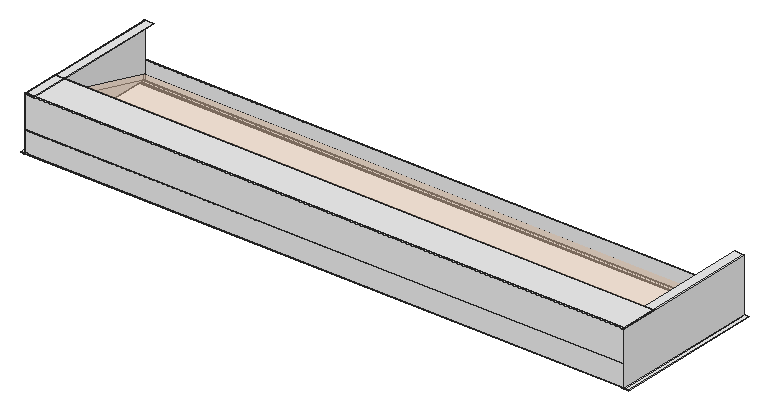
Revit family "RISE1x4", category Lighting Fixtures, host Ceiling, Revit 2023
Family settings
  Host = Ceiling
  Round Connector Dimension = Use Diameter
  Part Type = Normal
  OmniClass Number = 23.80.70.11.14.17
  OmniClass Title = Direct/Indirect
  Always vertical = Yes
  Cut with Voids When Loaded = No
  Light Source = Yes
  Maintain Annotation Orientation = No
  Shared = No
  Room Calculation Point = No
Parameters (values of type "RISE1X4-LED840K064LUNV")
  Width = 0' - 11 3/4"
  Wattage = 50.2 W
  built-in parameter 1150110 = 1 (stored number, unit not read)
  Voltage = 120 V  # constant formula
  URL = "https://viscor.com/products/rise"
  built-in parameter 1114217 = 0.9 (stored number, unit not read)
  Tilt Angle = 90.00°
  Tile Finish = Panel Tile
  built-in parameter 1150109 = 1 (stored number, unit not read)
  built-in parameter 1150134 = 12
  built-in parameter 1150113 = 1 (stored number, unit not read)
  Photometric Web File = "RISE1X4-LED840K064LUNV.ies"
  Model = "RISE"  # constant formula
  Manufacturer = "VISIONEERING by VISCOR"  # constant formula
  Lumens = 6405.52 lm
  built-in parameter 1150115 = 1 (stored number, unit not read)
  built-in parameter 1150105 = 509.74 (stored number, unit not read)
  built-in parameter 1150137 = (empty or 0)
  built-in parameter 1150139 = (empty or 0)
  Lens Finish = Polycarbonate - Viscor - Frosted Round
  Length = 3' - 11 3/4"
  Lamp Wattage = 50.2 VA
  built-in parameter 1150112 = 1 (stored number, unit not read)
  built-in parameter 1150114 = 1 (stored number, unit not read)
  Lamp = "LED"  # constant formula
  built-in parameter 1150132 = (empty or 0)
  built-in parameter 1150102 = (empty or 0)
  built-in parameter 1150138 = (empty or 0)
  built-in parameter 1150107 = 4000 (stored number, unit not read)
  built-in parameter 1150106 = 5.0974 (stored number, unit not read)
  Housing Finish = Metal - Viscor - White
  Height = 0' - 2"
  Emit from Rectangle Width = Width  # 0' - 11 3/4"
  Emit from Rectangle Length = Length  # 3' - 11 3/4"
  Emit Shape Visible in Rendering = no
  built-in parameter 1150104 = 11.854 (stored number, unit not read)
  Dimming Lamp Color Temperature Shift = <None>
  Description = "LED  Architectural Recessed Troffer Luminaire"  # constant formula
  Default Elevation = 0' - 0"
  Color Filter = 16777215
  built-in parameter 1114218 = 1 (stored number, unit not read)
  built-in parameter 1150133 = 10 (stored number, unit not read)
  Assembly Code = "D5020200"
  Apparent Load = Lamp Wattage  # 50.2 VA
Types (5): name | Wattage | Photometric Web File | Lumens | built-in parameter 1150105 | Lamp Wattage | built-in parameter 1150106 | built-in parameter 1150104 | Apparent Load
  (no name) | 50.2 W | "RISE1X4-LED840K064LUNV.ies" | 6405.52 lm | 509.74 (stored number, unit not read) | 50.2 VA | 5.0974 (stored number, unit not read) | 11.854 (stored number, unit not read) | 50.2 VA
  RISE1X4-LED840K052LUNV | 40.1301 W | "RISE1X4-LED840K052LUNV.ies" | 5245 lm | 417.38 (stored number, unit not read) | 40.1 VA | 4.1738 (stored number, unit not read) | 12.142 (stored number, unit not read) | 40.1 VA
  RISE1X4-LED840K027LUNV | 20.4 W | "RISE1X4-LED840K027LUNV.ies" | 2760.12 lm | 219.64 (stored number, unit not read) | 20.4 VA | 2.1964 (stored number, unit not read) | 12.57 (stored number, unit not read) | 20.4 VA
  RISE1X4-LED840K064LUNV | 50.2 W | "RISE1X4-LED840K064LUNV.ies" | 6405.52 lm | 509.74 (stored number, unit not read) | 50.2 VA | 5.0974 (stored number, unit not read) | 11.854 (stored number, unit not read) | 50.2 VA
  RISE1X4-LED840K039LUNV | 30.2 W | "RISE1X4-LED840K039LUNV.ies" | 3947.14 lm | 314.1 (stored number, unit not read) | 30.2 VA | 3.141 (stored number, unit not read) | 12.142 (stored number, unit not read) | 30.2 VA
Reference planes (in)
  plane 1 "Light Source Axis (F/B)": y = 0
  plane 2 "Ceiling": z = 96
  plane 3 "Light Source Axis (L/R)": x = 0
  plane 4 "Light Source Elevation": z = 95.5
  plane 5: y = 5.875
  plane 6: y = -5.875
  plane 7: x = -23.875
  plane 8: x = 23.875
  plane 9: x = -23.84375
  plane 10: x = 23.84375
  plane 11: x = -23.5015
  plane 12: x = 23.5015
  plane 13: y = 4.564
  plane 14: y = -4.564
Forms (in)
  Extrusion 1, solid, material "Metal - Viscor - White" <- "Housing Finish"
    sketch origin (0, 0, 0) x (0, 1, 0) y (0, 0, 1)
      loop
        arc (5.813, 96) -> (5.85684, 96.01816) -> (5.875, 96.062) r 0.062
        line (5.875, 96.062) -> (5.875, 97.5) -> (5.83984, 97.5) -> (5.83984, 96.062)
        arc (5.83984, 96.062) -> (5.83198, 96.04302) -> (5.813, 96.03516) r 0.02684
        line (5.813, 96.03516) -> (5.53979, 96.03516) -> (5.26318, 96.16414) -> (5.24833, 96.13228) -> (5.532, 96) -> (5.813, 96)
    from -23.5015 to 23.5015
  Extrusion 2, solid, material "Metal - Viscor - White" <- "Housing Finish"
    sketch origin (0, 0, 0) x (0, 1, 0) y (0, 0, 1)
      loop
        line (-2.86815, 99) -> (-5.09997, 99)
        arc (-5.09997, 99) -> (-5.13097, 98.99169) -> (-5.15366, 98.969) r 0.062
        line (-5.15366, 98.969) -> (-5.875, 97.71961) -> (-5.875, 96.062)
        arc (-5.875, 96.062) -> (-5.85684, 96.01816) -> (-5.813, 96) r 0.062
        line (-5.813, 96) -> (-5.55768, 96)
        arc (-5.55768, 96) -> (-5.53395, 96.00472) -> (-5.51384, 96.01816) r 0.062
        line (-5.51384, 96.01816) -> (-5.26683, 96.26517) -> (-5.29169, 96.29002) -> (-5.54656, 96.03516) -> (-5.813, 96.03516)
        arc (-5.813, 96.03516) -> (-5.83198, 96.04302) -> (-5.83984, 96.062) r 0.02684
        line (-5.83984, 96.062) -> (-5.83984, 97.71019) -> (-5.11547, 98.96484) -> (-2.86815, 98.96484)
        arc (-2.86815, 98.96484) -> (-2.84491, 98.95142) -> (-2.84491, 98.92458) r 0.02684
        line (-2.84491, 98.92458) -> (-3.0783, 98.52033)
        arc (-3.0783, 98.52033) -> (-3.08259, 98.45487) -> (-3.03327, 98.41162) r 0.07416
        line (-3.03327, 98.41162) -> (-2.72014, 98.32772) -> (-2.71104, 98.36168) -> (-3.02417, 98.44558)
        arc (-3.02417, 98.44558) -> (-3.05011, 98.46833) -> (-3.04785, 98.50275) r 0.039
        line (-3.04785, 98.50275) -> (-2.81446, 98.907)
        arc (-2.81446, 98.907) -> (-2.81446, 98.969) -> (-2.86815, 99) r 0.062
    from -23.5015 to 23.5015
  Extrusion 3, solid, material "Metal - Viscor - White" <- "Housing Finish"
    sketch origin (0, 0, 0) x (0, 1, 0) y (0, 0, 1)
      loop
        line (-5.875, 97.773) -> (-5.83984, 97.773) -> (-5.83984, 100.211)
        arc (-5.83984, 100.211) -> (-5.83198, 100.22998) -> (-5.813, 100.23784) r 0.02684
        line (-5.813, 100.23784) -> (-2.937, 100.23784)
        arc (-2.937, 100.23784) -> (-2.91802, 100.22998) -> (-2.91016, 100.211) r 0.02684
        line (-2.91016, 100.211) -> (-2.91016, 99.023) -> (-2.875, 99.023) -> (-2.875, 100.211)
        arc (-2.875, 100.211) -> (-2.89316, 100.25484) -> (-2.937, 100.273) r 0.062
        line (-2.937, 100.273) -> (-5.813, 100.273)
        arc (-5.813, 100.273) -> (-5.85684, 100.25484) -> (-5.875, 100.211) r 0.062
        line (-5.875, 100.211) -> (-5.875, 97.773)
    from -23.5015 to 23.5015
  Extrusion 4, solid, material "Metal - Viscor - White" <- "Housing Finish"
    sketch origin (0, 0, 0) x (1, 0, 0) y (0, 0, 1)
      loop
        line (-23.875, 96) -> (-23.571, 96)
        arc (-23.571, 96) -> (-23.52221, 96.02021) -> (-23.502, 96.069) r 0.069
        line (-23.502, 96.069) -> (-23.502, 100.181)
        arc (-23.502, 100.181) -> (-23.49058, 100.20858) -> (-23.463, 100.22) r 0.039
        line (-23.463, 100.22) -> (-22.782, 100.22) -> (-22.782, 100.25516) -> (-23.463, 100.25516)
        arc (-23.463, 100.25516) -> (-23.51544, 100.23344) -> (-23.53716, 100.181) r 0.07416
        line (-23.53716, 100.181) -> (-23.53716, 96.069)
        arc (-23.53716, 96.069) -> (-23.54707, 96.04507) -> (-23.571, 96.03516) r 0.03384
        line (-23.571, 96.03516) -> (-23.875, 96.03516) -> (-23.875, 96)
    from -5.875 to 5.875
  Extrusion 5, solid, material "Metal - Viscor - White" <- "Housing Finish"
    sketch origin (0, 0, 0) x (-1, 0, 0) y (0, 0, -1)
      loop
        line (-23.875, -96) -> (-23.875, -96.03516) -> (-23.571, -96.03516)
        arc (-23.571, -96.03516) -> (-23.54707, -96.04507) -> (-23.53716, -96.069) r 0.03384
        line (-23.53716, -96.069) -> (-23.53716, -100.181)
        arc (-23.53716, -100.181) -> (-23.51544, -100.23344) -> (-23.463, -100.25516) r 0.07416
        line (-23.463, -100.25516) -> (-22.782, -100.25516) -> (-22.782, -100.22) -> (-23.463, -100.22)
        arc (-23.463, -100.22) -> (-23.49058, -100.20858) -> (-23.502, -100.181) r 0.039
        line (-23.502, -100.181) -> (-23.502, -96.069)
        arc (-23.502, -96.069) -> (-23.52221, -96.02021) -> (-23.571, -96) r 0.069
        line (-23.571, -96) -> (-23.875, -96)
    from -5.875 to 5.875
  Extrusion 6, solid, material "Polycarbonate - Viscor - Frosted Round" <- "Lens Finish"
    sketch origin (0, 0, 0) x (0, 1, 0) y (0, 0, 1)
      loop
        line (-5.51839, 96.04614) -> (-3.01908, 98.54545)
        arc (-3.01908, 98.54545) -> (-3.00196, 98.57108) -> (-2.99594, 98.60131) r 0.079
        line (-2.99594, 98.60131) -> (-2.99594, 98.84358) -> (-3.035, 98.84358) -> (-3.035, 98.60131)
        arc (-3.035, 98.60131) -> (-3.03805, 98.58602) -> (-3.0467, 98.57307) r 0.03994
        line (-3.0467, 98.57307) -> (-5.54601, 96.07376)
        arc (-5.54601, 96.07376) -> (-5.55897, 96.0651) -> (-5.57425, 96.06206) r 0.03994
        line (-5.57425, 96.06206) -> (-5.81653, 96.06206) -> (-5.81653, 96.023) -> (-5.57425, 96.023)
        arc (-5.57425, 96.023) -> (-5.54402, 96.02901) -> (-5.51839, 96.04614) r 0.079
    from -23.5015 to 23.5015
  Extrusion 7, solid, material "Panel Tile" <- "Tile Finish"
    sketch origin (0, 0, 0) x (0, 1, 0) y (0, 0, 1)
      loop
        line (-2.95462, 98.42918) -> (5.71846, 96.02552) -> (5.852, 96.50736) -> (-2.82109, 98.91102) -> (-2.95462, 98.42918)
    from -23.5015 to 23.5015
Dimensions and locks (in)
  equal spacing: host sketch curve, plane 3 "Light Source Axis (L/R)", host sketch curve
  equal spacing: host sketch curve, plane 1 "Light Source Axis (F/B)", host sketch curve
  host sketch curve to host sketch curve = 10' - 0"  (x2)
  equal spacing: plane 7, plane 3 "Light Source Axis (L/R)", plane 8
  equal spacing: plane 5, plane 1 "Light Source Axis (F/B)", plane 6
  locked: plane 10 to plane 8 at 0.03125
  "Length": plane 7 to plane 8
  "Width": plane 5 to plane 6
  plane 7 to plane 9 = 0' - 0 1/32"
  plane 6 to plane 1 "Light Source Axis (F/B)" = 0' - 5 7/8"
  plane 11 to plane 7 = 0' - 0.3735"
  plane 12 to plane 8 = 0' - 0.3735"
  plane 5 to plane 13 = 0' - 1.311"
  plane 6 to plane 14 = 0' - 1.311"
  locked: plane 11 to plane 9 at 0.34225
  locked: plane 12 to plane 10 at 0.34225
  aligned and locked: plane 3 "Light Source Axis (L/R)" to imposter light
  aligned and locked: plane 1 "Light Source Axis (F/B)" to imposter light
  aligned and locked: plane 4 "Light Source Elevation" to imposter light
  aligned and locked: Extrusion 4 to plane 6
  aligned and locked: plane 5 to Extrusion 4
  aligned and locked: plane 5 to Extrusion 5
  aligned and locked: Extrusion 5 to plane 6
  aligned and locked: Extrusion 1 to plane 11
  aligned and locked: plane 12 to Extrusion 1
  aligned and locked: plane 12 to Extrusion 3
  aligned and locked: plane 12 to Extrusion 2
  aligned and locked: Extrusion 3 to plane 11
  aligned and locked: Extrusion 2 to plane 11
  aligned and locked: Extrusion 6 to plane 11
  aligned and locked: plane 12 to Extrusion 6
  aligned and locked: Extrusion 7 to plane 11
  aligned and locked: plane 12 to Extrusion 7
Automatic sketch dimensions
  Extrusion 1 sketch curve to Extrusion 1 sketch curve = 0' - 0"  (x2)
  Extrusion 1 sketch curve to plane 2 "Ceiling" = 0' - 0"
  Extrusion 1 sketch curve to plane 5 = 0' - 0"
  Extrusion 1 sketch curve to Extrusion 1 sketch curve = 0' - 0 9/256"
  Extrusion 1 sketch curve to plane 5 = 0' - 0.062"
  Extrusion 1 sketch curve to Extrusion 1 sketch curve = 0' - 0.27321"
  Extrusion 1 sketch curve to Extrusion 1 sketch curve = 0' - 0 1/128"
  plane 2 "Ceiling" to Extrusion 1 sketch curve = 0' - 0.16414"
  Extrusion 1 sketch curve to Extrusion 1 sketch curve = 0' - 0.27661"
  Extrusion 1 sketch curve to Extrusion 1 sketch curve = 0' - 1.438"
  Extrusion 2 sketch curve to Extrusion 2 sketch curve = 0' - 0"  (x6)
  Extrusion 2 sketch curve to plane 6 = 0' - 0"
  Extrusion 2 sketch curve to plane 2 "Ceiling" = 0' - 0"
  plane 6 to Extrusion 2 sketch curve = 0' - 0 9/256"
  Extrusion 2 sketch curve to Extrusion 2 sketch curve = 0' - 0.02684"  (x2)
  Extrusion 2 sketch curve to Extrusion 2 sketch curve = 0' - 0.25532"
  Extrusion 2 sketch curve to Extrusion 2 sketch curve = 0' - 0.01112"
  plane 2 "Ceiling" to Extrusion 2 sketch curve = 0' - 0.01816"
  Extrusion 2 sketch curve to Extrusion 2 sketch curve = 0' - 0.03272"
  Extrusion 2 sketch curve to Extrusion 2 sketch curve = 0' - 0.26599"
  plane 2 "Ceiling" to Extrusion 2 sketch curve = 0' - 0.26517"
  Extrusion 2 sketch curve to plane 14 = 0' - 0.58966"
  Extrusion 2 sketch curve to Extrusion 2 sketch curve = 0' - 0.0382"
  Extrusion 2 sketch curve to Extrusion 2 sketch curve = 0' - 0.0155"
  plane 14 to Extrusion 2 sketch curve = 0' - 1.4857"
  Extrusion 2 sketch curve to Extrusion 2 sketch curve = 0' - 0.03045"  (x2)
  Extrusion 2 sketch curve to Extrusion 2 sketch curve = 0' - 0.01458"
  Extrusion 2 sketch curve to Extrusion 2 sketch curve = 0' - 0.0091"  (x2)
  Extrusion 2 sketch curve to Extrusion 2 sketch curve = 0' - 0.01009"
  Extrusion 2 sketch curve to Extrusion 2 sketch curve = 0' - 0.21015"
  Extrusion 2 sketch curve to Extrusion 2 sketch curve = 0' - 0.02325"
  Extrusion 2 sketch curve to Extrusion 2 sketch curve = 0' - 0.31313"
  Extrusion 2 sketch curve to Extrusion 2 sketch curve = 0' - 1.42016"
  Extrusion 2 sketch curve to Extrusion 2 sketch curve = 0' - 0.00942"
  plane 2 "Ceiling" to Extrusion 2 sketch curve = 0' - 2.32772"
  Extrusion 2 sketch curve to Extrusion 2 sketch curve = 0' - 0.03396"
  Extrusion 2 sketch curve to Extrusion 2 sketch curve = 0' - 0.03767"
  Extrusion 2 sketch curve to Extrusion 2 sketch curve = 0' - 0.40425"
  Extrusion 2 sketch curve to Extrusion 2 sketch curve = 0' - 0.01758"
  Extrusion 2 sketch curve to Extrusion 2 sketch curve = 0' - 0.01342"
  Extrusion 3 sketch curve to Extrusion 3 sketch curve = 0' - 0"  (x4)
  Extrusion 3 sketch curve to plane 6 = 0' - 0"
  plane 6 to Extrusion 3 sketch curve = 0' - 0 9/256"
  Extrusion 3 sketch curve to Extrusion 3 sketch curve = 0' - 0.02684"  (x2)
  plane 14 to Extrusion 3 sketch curve = 0' - 1.627"
  plane 2 "Ceiling" to Extrusion 3 sketch curve = 0' - 1.773"
  plane 2 "Ceiling" to Extrusion 3 sketch curve = 0' - 3.023"
  Extrusion 3 sketch curve to Extrusion 3 sketch curve = 0' - 2.438"
  Extrusion 4 sketch curve to Extrusion 4 sketch curve = 0' - 0"  (x4)
  Extrusion 4 sketch curve to plane 2 "Ceiling" = 0' - 0"
  Extrusion 4 sketch curve to plane 7 = 0' - 0"
  Extrusion 4 sketch curve to plane 11 = 0' - 0.0695"
  Extrusion 4 sketch curve to plane 11 = 0' - 0.03566"
  Extrusion 4 sketch curve to plane 11 = 0' - 0.0005"
  plane 11 to Extrusion 4 sketch curve = 0' - 0.0385"
  Extrusion 4 sketch curve to Extrusion 4 sketch curve = 0' - 0.681"
  Extrusion 4 sketch curve to Extrusion 4 sketch curve = 0' - 4.112"
  Extrusion 5 sketch curve to Extrusion 5 sketch curve = 0' - 0"  (x4)
  Extrusion 5 sketch curve to plane 2 "Ceiling" = 0' - 0"
  Extrusion 5 sketch curve to plane 8 = 0' - 0"
  plane 12 to Extrusion 5 sketch curve = 0' - 0.0695"
  plane 12 to Extrusion 5 sketch curve = 0' - 0.03566"
  plane 12 to Extrusion 5 sketch curve = 0' - 0.0005"
  Extrusion 5 sketch curve to plane 12 = 0' - 0.0385"
  Extrusion 5 sketch curve to Extrusion 5 sketch curve = 0' - 0.681"
  Extrusion 5 sketch curve to Extrusion 5 sketch curve = 0' - 4.112"
  Extrusion 6 sketch curve to Extrusion 6 sketch curve = 0' - 0"  (x4)
  plane 2 "Ceiling" to Extrusion 6 sketch curve = 0' - 0.023"
  plane 6 to Extrusion 6 sketch curve = 0' - 0.05847"
  plane 2 "Ceiling" to Extrusion 6 sketch curve = 0' - 0.102"
  Extrusion 6 sketch curve to Extrusion 6 sketch curve = 0' - 0.24228"  (x2)
  plane 2 "Ceiling" to Extrusion 6 sketch curve = 0' - 0.07376"
  Extrusion 6 sketch curve to Extrusion 6 sketch curve = 0' - 0.02824"  (x2)
  plane 2 "Ceiling" to Extrusion 6 sketch curve = 0' - 0.04614"
  plane 14 to Extrusion 6 sketch curve = 0' - 1.48906"
  Extrusion 6 sketch curve to Extrusion 6 sketch curve = 0' - 0.0117"
  Extrusion 6 sketch curve to Extrusion 6 sketch curve = 0' - 0.02762"
  Extrusion 6 sketch curve to Extrusion 6 sketch curve = 0' - 0 5/128"
  plane 2 "Ceiling" to Extrusion 6 sketch curve = 0' - 2.54545"
  plane 14 to Extrusion 7 sketch curve = 0' - 1 39/64"
  Extrusion 7 sketch curve to Extrusion 7 sketch curve = 0' - 0.13354"
  Extrusion 7 sketch curve to Extrusion 7 sketch curve = 0' - 0.48184"
  plane 2 "Ceiling" to Extrusion 7 sketch curve = 0' - 0.02552"
  Extrusion 7 sketch curve to plane 5 = 0' - 0.023"
Connectors (in)
  electrical at (0, 0, 95.5), driven by "Voltage", driven by "Lamp Wattage"
    settings: index 2, voltage 120 V, apparent load 0 VA, apparent load phase1 50.2 VA, apparent load phase2 0 VA, apparent load phase3 0 VA, power factor 1, load classification "Other", number of poles 1, system type 31, power factor state 1, is connector primary yes, connector utility no, sub classification motor no, connector description ""
